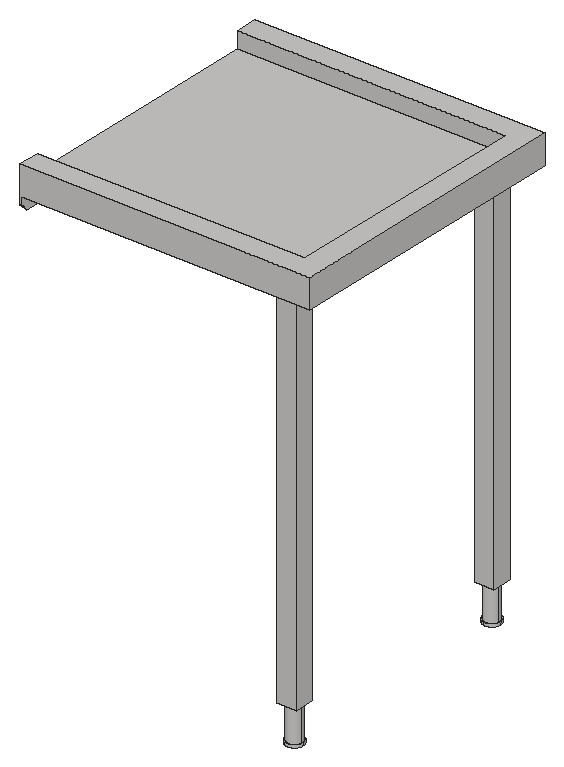
Revit family "QF_ELECTROLUXPROFESSIONAL_865319_BHRLU6", category Specialty Equipment, Revit 2023
Family settings
  Round Connector Dimension = Use Diameter
  Part Type = Normal
  Work Plane-Based = No
  Enable Cutting in Views = No
  Always vertical = Yes
  Cut with Voids When Loaded = No
  Maintain Annotation Orientation = No
  Shared = No
  Room Calculation Point = No
Parameters
  Weight = 6.00 kg
  Watts = 0 W
  Volts = 0 V
  URL Manufacturer = "http://www.electroluxprofessional.com"
  URL = "http://www.electroluxprofessional.com"
  Steam Supply Size = 0 mm
  Steam Supply Minimum Pressure = 0.0 Pa
  Steam Supply Maximum Pressure = 0.0 Pa
  Steam Pounds per Hour = 0
  Refrigeration Suction Line Size = 0 mm
  Refrigeration Liquid Line Size = 0 mm
  Refrigerant Compressor Remote = yes
  Manufacturer = "Electrolux Professional"
  Phase = 0
  Model = "BHRLU6"
  Length Actual = 600 mm
  Item Number = "865319"
  Hot Water Size = 0 mm
  Height Actual = 910 mm
  HP = "0 HP"
  Gas Size = 0 mm
  Gas KW = 0
  Gas Input Pressure = 0 W
  Description = "DISHWASHER TABLE, LOADING/UNLOADING, 600 MM "
  Depth Actual = 600 mm
  Default Elevation = 0 mm
  Cycle = 0 Hz
  Condensate Return Size = 0 mm
  Compressed Air Volume = 0.0 L/s
  Compressed Air Size = 0 mm
  Compressed Air Pressure = 0.0 Pa
  Cold Water Size = 0 mm
  Accessory = no
Reference planes
  plane 1 "Center (Front/Back)": y = -47.5
  plane 2: z = 0
  plane 3 "BACK": y = 257.5
  plane 4 "FRONT": y = -352.5
  plane 5 "RIGHT": x = 450
  plane 6: z = 910
  plane 7 "LEFT": x = -150
Forms (mm)
  Extrusion 1, solid, material "QF_Finishes_Stainless Steel"
    sketch origin (0, 0, 0) x (1, 0, 0) y (0, 1, 0)
      loop
        line (-147.022, 212.5) -> (405, 212.5) -> (405, -307.5) -> (-147.022, -307.5) -> (-147.022, -352.5) -> (450, -352.5) -> (450, 257.5) -> (-147.022, 257.5) -> (-147.022, 212.5)
    from 850 to 910
  Extrusion 2, solid, material "QF_Finishes_Stainless Steel"
    sketch origin (0, 0, 53) x (1, 0, 0) y (0, 1, 0)
      loop
        line (-147.022, 212.5) -> (-147.022, -307.5) -> (405, -307.5) -> (405, 212.5) -> (-147.022, 212.5)
    from 797 to 822
  Extrusion 3, solid, material "QF_Finishes_Stainless Steel"
    sketch origin (300, 0, 0) x (0, 1, 0) y (0, 0, 1)
      loop
        line (-352.5, 835) -> (-337.5, 820) -> (242.5, 820) -> (257.5, 835) -> (257.5, 910) -> (212.5, 910) -> (212.5, 875) -> (-307.5, 875) -> (-307.5, 910) -> (-352.5, 910) -> (-352.5, 835)
    from -450 to -447.022
Cuts and joins
  joined: Extrusion 1, Extrusion 2, Extrusion 3
Lines and regions (mm)
  symbolic lines
    curve 1: line (-150, 257.5, 0) -> (450, 257.5, 0)
    curve 2: line (450, 257.5, 0) -> (450, -352.5, 0)
    curve 3: line (450, -352.5, 0) -> (-150, -352.5, 0)
    curve 4: line (-150, -307.5, 0) -> (405, -307.5, 0)
    curve 5: line (405, -307.5, 0) -> (405, 212.5, 0)
    curve 6: line (405, 212.5, 0) -> (-150, 212.5, 0)
    curve 7: line (-150, 257.5, 0) -> (-150, -352.5, 0)
    curve 8: line (-150, -47.5, 0) -> (-120, -47.5, 0)
Dimensions and locks
  Extrusion 1 to Extrusion 1 = 45 mm
  plane 7 "LEFT" to plane 5 "RIGHT" = 600 mm
  aligned and locked: level to plane 2
  aligned and locked: plane 6 to Extrusion 1
Nested families
  nested 1: "Foot_40x40" at (380, -303.5, 0), type "Foot_40x40"
    with A 850 mm
  nested 2: "Foot_40x40" at (380, 208.5, 0), type "Foot_40x40"
    with A 850 mm
Definition of nested family "Foot_40x40"
  Parameters
    Default Elevation = 0 mm
    A [instance] = 850 mm
  Reference planes
    plane 1 "Centro (Fronte/Retro)": y = 0
    plane 2: z = 0
    plane 3 "Centro (Sinistra/Destra)": x = 0
    plane 4: z = 850
  Forms (mm)
    Extrusion 1, solid
      sketch origin (0, 0, 0) x (1, 0, 0) y (0, 1, 0)
        loop
          circle (0, 0) r 18
      from 0 to 5
    Extrusion 2, solid
      sketch origin (0, 0, 5) x (1, 0, 0) y (0, 1, 0)
        loop
          circle (0, 0) r 15
      from 0 to 70
    Extrusion 3, solid
      sketch origin (0, 0, 75) x (1, 0, 0) y (0, 1, 0)
        loop
          line (-20, 20) -> (-20, -20) -> (20, -20) -> (20, 20) -> (-20, 20)
      from 0 to 775
  Dimensions and locks
    "A": plane 4 to plane 2
    aligned and locked: level to plane 2
    aligned and locked: plane 4 to Extrusion 3
    aligned and locked: Extrusion 1 to level
  Automatic sketch dimensions
    plane 1 "Centro (Fronte/Retro)" to Extrusion 1 sketch curve = 0 mm
    Extrusion 1 sketch curve to plane 3 "Centro (Sinistra/Destra)" = 0 mm
    Extrusion 3 sketch curve to Extrusion 3 sketch curve = 40 mm  (x2)
    radius of Extrusion 1 sketch curve = 18 mm
    radius of Extrusion 2 sketch curve to Extrusion 1 = 3 mm
